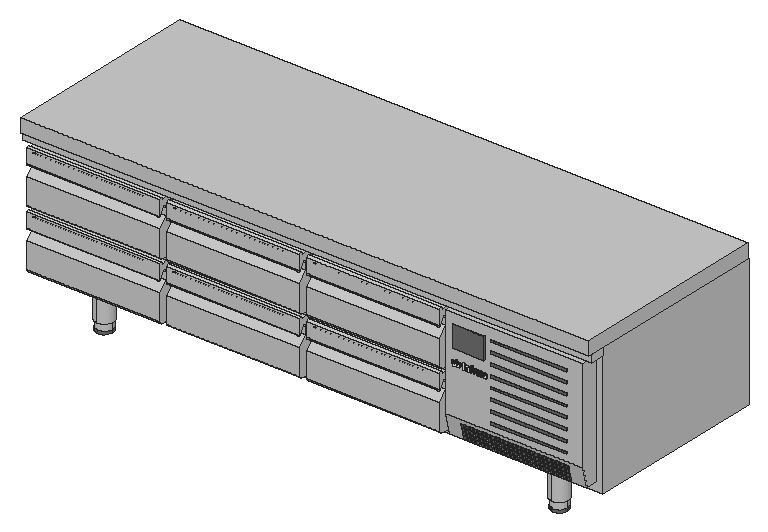
Revit family "QF_INFRICO_MSG2000_250814084959", category Specialty Equipment, Revit 2021
Family settings
  Round Connector Dimension = Use Diameter
  Part Type = Normal
  OmniClass Number = 23.40.40.14
  OmniClass Title = Food Service Equipment
  Work Plane-Based = No
  Always vertical = Yes
  Cut with Voids When Loaded = No
  Shared = No
  Room Calculation Point = No
Parameters (values of type "MSG2000-R290")
  Weight [instance] = 190.001 kg
  Waste Water Discharge Temperature [instance] = 0 °C
  Waste Remarks [instance] = ""
  Warranty Start Date [instance] = ""
  Warranty Duration [instance] = ""
  Volts [instance] = 230 V
  Volt Free Conn [instance] = no
  URL Recommended Spares List [instance] = ""
  URL Manufacturer [instance] = ""
  URL Cutsheet [instance] = ""
  URL Critical Spares List [instance] = ""
  URL = "www.infrico.com"
  Technical Documentation [instance] = ""
  Tag Number [instance] = ""
  Status [instance] = ""
  Start Up Current [instance] = 0 A
  Specification by User [instance] = ""
  Specification by Manufacturer [instance] = ""
  Sound Level [instance] = ""
  Show Logo [instance] = yes
  Show Clearances [instance] = yes
  Service Life Duration [instance] = ""
  Serial Number [instance] = ""
  Seismic Rating [instance] = ""
  SMACNA No [instance] = ""
  Revision Code [instance] = ""
  Revision [instance] = ""
  Production Year [instance] = ""
  Potential Equalisation [instance] = no
  Point Load [instance] = 0
  Plumbing Connection Type [instance] = ""
  Phase [instance] = 1
  Other Equipment Approvals [instance] = ""
  Operational Current [instance] = 0 A
  Number of Poles [instance] = 2
  No Load Power Draw [instance] = no
  NAFEM Spec ID Number [instance] = ""
  Model Warning [instance] = ""
  Model = "MSG2000"
  Min Ckt Ampacity [instance] = 0 A
  Max Overcurrent Protection [instance] = 0 A
  Masterspec [instance] = ""
  Manufacturer = "INFRICO"
  Main switch integrated [instance] = no
  Length Actual [instance] = 1999.996 mm
  Item Number [instance] = ""
  Installed By [instance] = ""
  Installation Date [instance] = ""
  Indirect Waste Size [instance] = 19.05 mm
  Indirect Waste Remarks [instance] = ""
  Indirect Waste Flow [instance] = 0.0 L/s
  Indirect Waste Connection Type [instance] = ""
  Indirect Waste Connection Height [instance] = 0 mm
  Identify Quantity as Lot [instance] = no
  ID [instance] = ""
  Hygiene Approval [instance] = ""
  Height Actual [instance] = 599.948 mm
  HP power [instance] = ""
  Furnished By [instance] = ""
  Foodservice Equipment Identifier [instance] = no
  FL Amps [instance] = 0 A
  Electrical Remarks [instance] = ""
  Electric power [instance] = 190 W
  Electric Connection Type [instance] = ""
  Elec Conn RI Height [instance] = 0 mm
  Elec Conn Connection Height [instance] = 0 mm
  ETL Approved [instance] = no
  Direct Waste Water Discharge Temperature [instance] = -273.15 °C
  Direct Waste Size [instance] = 19.05 mm
  Direct Waste RI Height [instance] = 0 mm
  Direct Waste Flow [instance] = 0.0 L/s
  Direct Waste Connection Height [instance] = 0 mm
  Description = "GN1/1 COUNTER BASES REFRIGERATOR 700 SNACK SERIES - R290\r\n "
  Depth Actual [instance] = 700.024 mm
  Default Elevation = 0 mm
  Cycle [instance] = 50 Hz
  Cost = 0
  Connection to energy optimisation system [instance] = yes
  Conn Plug [instance] = ""
  Conn Conduit [instance] = no
  Centralized building control system with digital interface [instance] = ""
  CSI MasterFormat [instance] = ""
  CE Approved [instance] = no
  Barcode [instance] = 0
  Author [instance] = ""
  Asset Identifier [instance] = ""
  Apparent Power [instance] = 190 VA
  Accessory [instance] = no
Reference planes
  plane 1 "Center (Front/Back)": y = 0
  plane 2: z = 0
  plane 3 "Center (Left/Right)": x = 0
Forms (mm)
  Extrusion 1, solid, not visible
    sketch origin (800.039, -112.005, 142.007) x (1, 0, 0) y (0, 1, 0)
      loop
        line (-2, 2) -> (-2, -2) -> (2, -2) -> (2, 2) -> (-2, 2)
    from -2 to 2
  Extrusion 2, solid, not visible
    sketch origin (1939.095, -60.003, 142.007) x (1, 0, 0) y (0, 1, 0)
      loop
        line (-2, 2) -> (-2, -2) -> (2, -2) -> (2, 2) -> (-2, 2)
    from -2 to 2
Dimensions and locks
  locked: nested 2 to Extrusion 1 at 2  (x2)
  locked: nested 3 to Extrusion 2 at 2  (x2)
  aligned and locked: level to plane 2
Nested families
  nested 1: "QF_INFRICO_MSG2000_2920" at (0, 0, 0), type "MSG2000-R290"
    with Weight 190.001 kg, Warranty Start Date "", Warranty Duration "", URL Cutsheet "", Technical Documentation "", Tag Number "", Status "", Specification by User "", Specification by Manufacturer "", Sound Level "", Solid Fuel Type "", Show Logo yes, Show Clearances yes, Show Clearance yes, Service Life Duration "", Serial Number "", Seismic Rating "", SMACNA No "", Revision Code "", Revision "", Production Year "", Point Load 0, Other Equipment Approvals "", NAFEM Spec ID Number "", Model Warning "", Masterspec "", Length Actual 1999.996 mm, Item Number "", Installed By "", Installation Date "", Identify Quantity as Lot yes, ID "", Hygiene Approval "", Height Actual 599.948 mm, Furnished By "", Foodservice Equipment Identifier yes, ETL Approved yes, Depth Actual 700.024 mm, CSI MasterFormat "", CE Approved no, Barcode "", Author "", Asset Identifier "", Accessory no
  nested 2: "CONN_POINT_DRAIN_2D___Generic_Annotation" at (800.039, -112.005, 140.007), type "CONN_POINT_DRAIN_2D___Generic_Annotation"
    with Onboard connection annotation symbol visibility yes
  nested 3: "CONN_POINT_ELE_2D___Generic_Annotation" at (1939.095, -60.003, 140.007), type "CONN_POINT_ELE_2D___Generic_Annotation"
    with Onboard connection annotation symbol visibility yes
  nested 4: "QF_INFRICO_JCAJ17MSG1-2_4937" at (22, -638, 168), type "JCAJ17SN12"
    with Weight 0.00 kg, Warranty Start Date "", Warranty Duration "", URL Cutsheet "", Technical Documentation "", Tag Number "", Status "", Specification by User "", Specification by Manufacturer "", Sound Level "", Solid Fuel Type "", Show Logo yes, Show Clearances yes, Show Clearance yes, Service Life Duration "", Serial Number "", Seismic Rating "", SMACNA No "", Revision Code "", Revision "", Production Year "", Point Load 0, Other Equipment Approvals "", NAFEM Spec ID Number "", Model Warning "", Masterspec "", Length Actual 467.106 mm, Item Number "", Installed By "", Installation Date "", Identify Quantity as Lot yes, ID "", Hygiene Approval "", Height Actual 398.018 mm, Furnished By "", Foodservice Equipment Identifier yes, ETL Approved yes, Depth Actual 59.944 mm, CSI MasterFormat "", CE Approved no, Barcode "", Author "", Asset Identifier "", Accessory yes
  nested 5: "QF_INFRICO_JCAJ17MSG1-2_5766" at (514, -638, 168), type "JCAJ17SN12"
    with Weight 0.00 kg, Warranty Start Date "", Warranty Duration "", URL Cutsheet "", Technical Documentation "", Tag Number "", Status "", Specification by User "", Specification by Manufacturer "", Sound Level "", Solid Fuel Type "", Show Logo yes, Show Clearances yes, Show Clearance yes, Service Life Duration "", Serial Number "", Seismic Rating "", SMACNA No "", Revision Code "", Revision "", Production Year "", Point Load 0, Other Equipment Approvals "", NAFEM Spec ID Number "", Model Warning "", Masterspec "", Length Actual 467.106 mm, Item Number "", Installed By "", Installation Date "", Identify Quantity as Lot yes, ID "", Hygiene Approval "", Height Actual 398.018 mm, Furnished By "", Foodservice Equipment Identifier yes, ETL Approved yes, Depth Actual 59.944 mm, CSI MasterFormat "", CE Approved no, Barcode "", Author "", Asset Identifier "", Accessory yes
  nested 6: "QF_INFRICO_JCAJ17MSG1-2_6591" at (1006, -638, 168), type "JCAJ17SN12"
    with Weight 0.00 kg, Warranty Start Date "", Warranty Duration "", URL Cutsheet "", Technical Documentation "", Tag Number "", Status "", Specification by User "", Specification by Manufacturer "", Sound Level "", Solid Fuel Type "", Show Logo yes, Show Clearances yes, Show Clearance yes, Service Life Duration "", Serial Number "", Seismic Rating "", SMACNA No "", Revision Code "", Revision "", Production Year "", Point Load 0, Other Equipment Approvals "", NAFEM Spec ID Number "", Model Warning "", Masterspec "", Length Actual 467.106 mm, Item Number "", Installed By "", Installation Date "", Identify Quantity as Lot yes, ID "", Hygiene Approval "", Height Actual 398.018 mm, Furnished By "", Foodservice Equipment Identifier yes, ETL Approved yes, Depth Actual 59.944 mm, CSI MasterFormat "", CE Approved no, Barcode "", Author "", Asset Identifier "", Accessory yes
  nested 7: "QF_INFRICO_WORKTOP_7416" at (0, 0, 600), type "ENC12SPMS20"
    with Weight 0.00 kg, Warranty Start Date "", Warranty Duration "", URL Cutsheet "", Technical Documentation "", Tag Number "", Status "", Specification by User "", Specification by Manufacturer "", Sound Level "", Solid Fuel Type "", Show Logo yes, Show Clearances yes, Show Clearance yes, Service Life Duration "", Serial Number "", Seismic Rating "", SMACNA No "", Revision Code "", Revision "", Production Year "", Point Load 0, Other Equipment Approvals "", NAFEM Spec ID Number "", Model Warning "", Masterspec "", Length Actual 1999.996 mm, Item Number "", Installed By "", Installation Date "", Identify Quantity as Lot yes, ID "", Hygiene Approval "", Height Actual 50.038 mm, Furnished By "", Foodservice Equipment Identifier yes, ETL Approved yes, Depth Actual 700.024 mm, CSI MasterFormat "", CE Approved no, Barcode "", Author "", Asset Identifier "", Accessory yes
Connectors
  piping at (800.039, -112.005, 140.007), diameter 19.05, driven by "Indirect Waste Size", driven by "Direct Waste Flow"
    settings: on Extrusion 1, index 1, connector inside diameter 609.6 mm, connector length 0 mm, flow factor 0, pipe flow 0.0 L/s, pressure drop 0.0 Pa, fitting loss kfactor 0, connector angle 0.00°, fixture units 0, engagement length 0 mm, angle of deflection 0.00°, flow configuration 1, flow direction 2, fitting loss method 0, system type 16, joint type 0, gender type 0, connector reference index -1, connector utility 0, adjustable connector no, is connector primary yes, connector description "Waste connection for MSG2000"
  electrical at (1939.095, -60.003, 140.007), driven by "Apparent Power", driven by "Number of Poles", driven by "Volts"
    settings: on Extrusion 2, index 2, voltage 230 V, apparent load 0 VA, apparent load phase1 190 VA, apparent load phase2 0 VA, apparent load phase3 0 VA, power factor 1, load classification "Other", number of poles 2, system type 31, power factor state 1, is connector primary yes, connector utility no, sub classification motor no, connector description "Electrical connection for MSG2000"
Definition of nested family "QF_INFRICO_MSG2000_2920"
  Parameters (values of type "MSG2000-R290")
    Weight [instance] = 0.00 kg
    Warranty Start Date [instance] = ""
    Warranty Duration [instance] = ""
    URL Cutsheet [instance] = ""
    URL = "www.infrico.com"
    Technical Documentation [instance] = ""
    Tag Number [instance] = ""
    Status [instance] = ""
    Specification by User [instance] = ""
    Specification by Manufacturer [instance] = ""
    Sound Level [instance] = ""
    Solid Fuel Type [instance] = ""
    Show Logo [instance] = yes
    Show Clearances [instance] = yes
    Show Clearance [instance] = yes
    Service Life Duration [instance] = ""
    Serial Number [instance] = ""
    Seismic Rating [instance] = ""
    SMACNA No [instance] = ""
    Revision Code [instance] = ""
    Revision [instance] = ""
    Production Year [instance] = ""
    Point Load [instance] = 0
    Other Equipment Approvals [instance] = ""
    NAFEM Spec ID Number [instance] = ""
    Model Warning [instance] = ""
    Model = "MSG2000"
    Masterspec [instance] = ""
    Manufacturer = "INFRICO"
    Length Actual [instance] = 0 mm
    Item Number [instance] = ""
    Installed By [instance] = ""
    Installation Date [instance] = ""
    Identify Quantity as Lot [instance] = yes
    ID [instance] = ""
    Hygiene Approval [instance] = ""
    Height Actual [instance] = 0 mm
    Furnished By [instance] = ""
    Foodservice Equipment Identifier [instance] = yes
    ETL Approved [instance] = yes
    Description = "GN1/1 COUNTER BASES REFRIGERATOR 700 SNACK SERIES - R290"
    Depth Actual [instance] = 0 mm
    Default Elevation = 0 mm
    CSI MasterFormat [instance] = ""
    CE Approved [instance] = yes
    Barcode [instance] = ""
    Author [instance] = ""
    Asset Identifier [instance] = ""
    Assembly Code = "E1090320"
    Accessory [instance] = yes
  Types (2, lengths in mm): name | Description
    MSG2000 | "GN1/1 COUNTER BASES REFRIGERATOR 700 SNACK SERIES - R134A"
    MSG2000-R290 | "GN1/1 COUNTER BASES REFRIGERATOR 700 SNACK SERIES - R290"
  Reference planes
    plane 1 "Back": y = 0
    plane 2: z = 0
    plane 3 "Left": x = 0
    plane 4 "Right": x = 2000
    plane 5 "Front": y = -700
    plane 6 "Top": z = 600
  Forms (mm)
    Extrusion 1, void
      sketch origin (0, 0, 0) x (1, 0, 0) y (0, 0, 1)
        loop
          line (60, 200) -> (1450, 200) -> (1450, 540) -> (60, 540) -> (60, 200)
      from 60 to 638.02
    Extrusion 2, solid
      sketch origin (0, 0, 140) x (1, 0, 0) y (0, 1, 0)
        loop
          circle (800, -112) r 9.525
      from -5 to 0
    Extrusion 3, solid
      sketch origin (0, 0, 140) x (1, 0, 0) y (0, 1, 0)
        loop
          line (0, 0) -> (0, -638.02) -> (2000, -638.02) -> (2000, 0) -> (0, 0)
        loop
          line (60, -578.02) -> (1940, -578.02) -> (1940, -60) -> (60, -60) -> (60, -578.02)
      from 0 to 460
    Extrusion 4, solid
      sketch origin (0, 0, 140) x (1, 0, 0) y (0, 0, 1)
        loop
          line (1940.016, 60) -> (60, 60) -> (60, 0) -> (1940.016, 0) -> (1940.016, 60)
      from 60 to 578.02
    Extrusion 5, solid
      sketch origin (0, 0, 140) x (1, 0, 0) y (0, 1, 0)
        loop
          line (454, -638.02) -> (549, -638.02) -> (549, -628.02) -> (454, -628.02) -> (454, -638.02)
      from 60 to 400
    Extrusion 6, solid
      sketch origin (492, 0, 140) x (1, 0, 0) y (0, 1, 0)
        loop
          line (454, -638.02) -> (549, -638.02) -> (549, -628.02) -> (454, -628.02) -> (454, -638.02)
      from 60 to 400
    Extrusion 7, solid
      sketch origin (539.247, 0, 0) x (0, 1, 0) y (0, 0, 1)
        loop
          line (-638.02, 564.738) -> (-695.03, 564.738) -> (-695.03, 238.436) -> (-678.399, 166.4) -> (-638.02, 166.4) -> (-638.02, 564.738)
      from 952.993 to 1433.993
    Extrusion 8, solid
      sketch origin (-1460.753, -693.13, 0) x (1, 0, 0) y (0, 0, 1)
        loop
          line (3379.657, 269.602) -> (3112.657, 269.602) -> (3112.657, 260.602) -> (3379.657, 260.602) -> (3379.657, 269.602)
        loop
          line (3379.657, 306.602) -> (3112.657, 306.602) -> (3112.657, 297.602) -> (3379.657, 297.602) -> (3379.657, 306.602)
        loop
          line (3379.657, 343.602) -> (3112.657, 343.602) -> (3112.657, 334.602) -> (3379.657, 334.602) -> (3379.657, 343.602)
        loop
          line (3379.657, 380.602) -> (3112.657, 380.602) -> (3112.657, 371.602) -> (3379.657, 371.602) -> (3379.657, 380.602)
        loop
          line (3379.657, 417.602) -> (3112.657, 417.602) -> (3112.657, 408.602) -> (3379.657, 408.602) -> (3379.657, 417.602)
        loop
          line (3379.657, 454.602) -> (3112.657, 454.602) -> (3112.657, 445.602) -> (3379.657, 445.602) -> (3379.657, 454.602)
        loop
          line (3379.657, 491.602) -> (3112.657, 491.602) -> (3112.657, 482.602) -> (3379.657, 482.602) -> (3379.657, 491.602)
        loop
          line (3379.657, 528.602) -> (3112.657, 528.602) -> (3112.657, 519.602) -> (3379.657, 519.602) -> (3379.657, 528.602)
      from 0 to 2
    Extrusion 9, solid
      sketch origin (-1491.654, -639.263, 0.251) x (1, 0, 0) y (0, -0.224951, 0.97437)
        loop
          line (3036.73, 215.974) -> (3036.73, 205.974) -> (3046.73, 205.974) -> (3046.73, 215.974) -> (3036.73, 215.974)
        loop
          line (3036.73, 230.769) -> (3036.73, 220.769) -> (3046.73, 220.769) -> (3046.73, 230.769) -> (3036.73, 230.769)
        loop
          line (3036.73, 186.385) -> (3036.73, 176.385) -> (3046.73, 176.385) -> (3046.73, 186.385) -> (3036.73, 186.385)
        loop
          line (3036.73, 201.179) -> (3036.73, 191.179) -> (3046.73, 191.179) -> (3046.73, 201.179) -> (3036.73, 201.179)
        loop
          line (3051.938, 215.974) -> (3051.938, 205.974) -> (3061.938, 205.974) -> (3061.938, 215.974) -> (3051.938, 215.974)
        loop
          line (3051.938, 230.769) -> (3051.938, 220.769) -> (3061.938, 220.769) -> (3061.938, 230.769) -> (3051.938, 230.769)
        loop
          line (3051.938, 186.385) -> (3051.938, 176.385) -> (3061.938, 176.385) -> (3061.938, 186.385) -> (3051.938, 186.385)
        loop
          line (3051.938, 201.179) -> (3051.938, 191.179) -> (3061.938, 191.179) -> (3061.938, 201.179) -> (3051.938, 201.179)
        loop
          line (3067.147, 215.974) -> (3067.147, 205.974) -> (3077.147, 205.974) -> (3077.147, 215.974) -> (3067.147, 215.974)
        loop
          line (3067.147, 230.769) -> (3067.147, 220.769) -> (3077.147, 220.769) -> (3077.147, 230.769) -> (3067.147, 230.769)
        loop
          line (3067.147, 186.385) -> (3067.147, 176.385) -> (3077.147, 176.385) -> (3077.147, 186.385) -> (3067.147, 186.385)
        loop
          line (3067.147, 201.179) -> (3067.147, 191.179) -> (3077.147, 191.179) -> (3077.147, 201.179) -> (3067.147, 201.179)
        loop
          line (3082.355, 215.974) -> (3082.355, 205.974) -> (3092.355, 205.974) -> (3092.355, 215.974) -> (3082.355, 215.974)
        loop
          line (3082.355, 230.769) -> (3082.355, 220.769) -> (3092.355, 220.769) -> (3092.355, 230.769) -> (3082.355, 230.769)
        loop
          line (3082.355, 186.385) -> (3082.355, 176.385) -> (3092.355, 176.385) -> (3092.355, 186.385) -> (3082.355, 186.385)
        loop
          line (3082.355, 201.179) -> (3082.355, 191.179) -> (3092.355, 191.179) -> (3092.355, 201.179) -> (3082.355, 201.179)
        loop
          line (3097.563, 215.974) -> (3097.563, 205.974) -> (3107.563, 205.974) -> (3107.563, 215.974) -> (3097.563, 215.974)
        loop
          line (3097.563, 230.769) -> (3097.563, 220.769) -> (3107.563, 220.769) -> (3107.563, 230.769) -> (3097.563, 230.769)
        loop
          line (3097.563, 186.385) -> (3097.563, 176.385) -> (3107.563, 176.385) -> (3107.563, 186.385) -> (3097.563, 186.385)
        loop
          line (3097.563, 201.179) -> (3097.563, 191.179) -> (3107.563, 191.179) -> (3107.563, 201.179) -> (3097.563, 201.179)
        loop
          line (3112.772, 215.974) -> (3112.772, 205.974) -> (3122.772, 205.974) -> (3122.772, 215.974) -> (3112.772, 215.974)
        loop
          line (3112.772, 230.769) -> (3112.772, 220.769) -> (3122.772, 220.769) -> (3122.772, 230.769) -> (3112.772, 230.769)
        loop
          line (3112.772, 186.385) -> (3112.772, 176.385) -> (3122.772, 176.385) -> (3122.772, 186.385) -> (3112.772, 186.385)
        loop
          line (3112.772, 201.179) -> (3112.772, 191.179) -> (3122.772, 191.179) -> (3122.772, 201.179) -> (3112.772, 201.179)
        loop
          line (3127.98, 215.974) -> (3127.98, 205.974) -> (3137.98, 205.974) -> (3137.98, 215.974) -> (3127.98, 215.974)
        loop
          line (3127.98, 230.769) -> (3127.98, 220.769) -> (3137.98, 220.769) -> (3137.98, 230.769) -> (3127.98, 230.769)
        loop
          line (3127.98, 186.385) -> (3127.98, 176.385) -> (3137.98, 176.385) -> (3137.98, 186.385) -> (3127.98, 186.385)
        loop
          line (3127.98, 201.179) -> (3127.98, 191.179) -> (3137.98, 191.179) -> (3137.98, 201.179) -> (3127.98, 201.179)
        loop
          line (3143.188, 215.974) -> (3143.188, 205.974) -> (3153.188, 205.974) -> (3153.188, 215.974) -> (3143.188, 215.974)
        loop
          line (3143.188, 230.769) -> (3143.188, 220.769) -> (3153.188, 220.769) -> (3153.188, 230.769) -> (3143.188, 230.769)
        loop
          line (3143.188, 186.385) -> (3143.188, 176.385) -> (3153.188, 176.385) -> (3153.188, 186.385) -> (3143.188, 186.385)
        loop
          line (3143.188, 201.179) -> (3143.188, 191.179) -> (3153.188, 191.179) -> (3153.188, 201.179) -> (3143.188, 201.179)
        loop
          line (3158.397, 215.974) -> (3158.397, 205.974) -> (3168.397, 205.974) -> (3168.397, 215.974) -> (3158.397, 215.974)
        loop
          line (3158.397, 230.769) -> (3158.397, 220.769) -> (3168.397, 220.769) -> (3168.397, 230.769) -> (3158.397, 230.769)
        loop
          line (3158.397, 186.385) -> (3158.397, 176.385) -> (3168.397, 176.385) -> (3168.397, 186.385) -> (3158.397, 186.385)
        loop
          line (3158.397, 201.179) -> (3158.397, 191.179) -> (3168.397, 191.179) -> (3168.397, 201.179) -> (3158.397, 201.179)
        loop
          line (3173.605, 215.974) -> (3173.605, 205.974) -> (3183.605, 205.974) -> (3183.605, 215.974) -> (3173.605, 215.974)
        loop
          line (3173.605, 230.769) -> (3173.605, 220.769) -> (3183.605, 220.769) -> (3183.605, 230.769) -> (3173.605, 230.769)
        loop
          line (3173.605, 186.385) -> (3173.605, 176.385) -> (3183.605, 176.385) -> (3183.605, 186.385) -> (3173.605, 186.385)
        loop
          line (3173.605, 201.179) -> (3173.605, 191.179) -> (3183.605, 191.179) -> (3183.605, 201.179) -> (3173.605, 201.179)
        loop
          line (3188.813, 215.974) -> (3188.813, 205.974) -> (3198.813, 205.974) -> (3198.813, 215.974) -> (3188.813, 215.974)
        loop
          line (3188.813, 230.769) -> (3188.813, 220.769) -> (3198.813, 220.769) -> (3198.813, 230.769) -> (3188.813, 230.769)
        loop
          line (3188.813, 186.385) -> (3188.813, 176.385) -> (3198.813, 176.385) -> (3198.813, 186.385) -> (3188.813, 186.385)
        loop
          line (3188.813, 201.179) -> (3188.813, 191.179) -> (3198.813, 191.179) -> (3198.813, 201.179) -> (3188.813, 201.179)
        loop
          line (3204.022, 215.974) -> (3204.022, 205.974) -> (3214.022, 205.974) -> (3214.022, 215.974) -> (3204.022, 215.974)
        loop
          line (3204.022, 230.769) -> (3204.022, 220.769) -> (3214.022, 220.769) -> (3214.022, 230.769) -> (3204.022, 230.769)
        loop
          line (3204.022, 186.385) -> (3204.022, 176.385) -> (3214.022, 176.385) -> (3214.022, 186.385) -> (3204.022, 186.385)
        loop
          line (3204.022, 201.179) -> (3204.022, 191.179) -> (3214.022, 191.179) -> (3214.022, 201.179) -> (3204.022, 201.179)
        loop
          line (3219.23, 215.974) -> (3219.23, 205.974) -> (3229.23, 205.974) -> (3229.23, 215.974) -> (3219.23, 215.974)
        loop
          line (3219.23, 230.769) -> (3219.23, 220.769) -> (3229.23, 220.769) -> (3229.23, 230.769) -> (3219.23, 230.769)
        loop
          line (3219.23, 186.385) -> (3219.23, 176.385) -> (3229.23, 176.385) -> (3229.23, 186.385) -> (3219.23, 186.385)
        loop
          line (3219.23, 201.179) -> (3219.23, 191.179) -> (3229.23, 191.179) -> (3229.23, 201.179) -> (3219.23, 201.179)
        loop
          line (3234.438, 215.974) -> (3234.438, 205.974) -> (3244.438, 205.974) -> (3244.438, 215.974) -> (3234.438, 215.974)
        loop
          line (3234.438, 230.769) -> (3234.438, 220.769) -> (3244.438, 220.769) -> (3244.438, 230.769) -> (3234.438, 230.769)
        loop
          line (3234.438, 186.385) -> (3234.438, 176.385) -> (3244.438, 176.385) -> (3244.438, 186.385) -> (3234.438, 186.385)
        loop
          line (3234.438, 201.179) -> (3234.438, 191.179) -> (3244.438, 191.179) -> (3244.438, 201.179) -> (3234.438, 201.179)
        loop
          line (3249.647, 215.974) -> (3249.647, 205.974) -> (3259.647, 205.974) -> (3259.647, 215.974) -> (3249.647, 215.974)
        loop
          line (3249.647, 230.769) -> (3249.647, 220.769) -> (3259.647, 220.769) -> (3259.647, 230.769) -> (3249.647, 230.769)
        loop
          line (3249.647, 186.385) -> (3249.647, 176.385) -> (3259.647, 176.385) -> (3259.647, 186.385) -> (3249.647, 186.385)
        loop
          line (3249.647, 201.179) -> (3249.647, 191.179) -> (3259.647, 191.179) -> (3259.647, 201.179) -> (3249.647, 201.179)
        loop
          line (3264.855, 215.974) -> (3264.855, 205.974) -> (3274.855, 205.974) -> (3274.855, 215.974) -> (3264.855, 215.974)
        loop
          line (3264.855, 230.769) -> (3264.855, 220.769) -> (3274.855, 220.769) -> (3274.855, 230.769) -> (3264.855, 230.769)
        loop
          line (3264.855, 186.385) -> (3264.855, 176.385) -> (3274.855, 176.385) -> (3274.855, 186.385) -> (3264.855, 186.385)
        loop
          line (3264.855, 201.179) -> (3264.855, 191.179) -> (3274.855, 191.179) -> (3274.855, 201.179) -> (3264.855, 201.179)
        loop
          line (3280.063, 215.974) -> (3280.063, 205.974) -> (3290.063, 205.974) -> (3290.063, 215.974) -> (3280.063, 215.974)
        loop
          line (3280.063, 230.769) -> (3280.063, 220.769) -> (3290.063, 220.769) -> (3290.063, 230.769) -> (3280.063, 230.769)
        loop
          line (3280.063, 186.385) -> (3280.063, 176.385) -> (3290.063, 176.385) -> (3290.063, 186.385) -> (3280.063, 186.385)
        loop
          line (3280.063, 201.179) -> (3280.063, 191.179) -> (3290.063, 191.179) -> (3290.063, 201.179) -> (3280.063, 201.179)
        loop
          line (3295.272, 215.974) -> (3295.272, 205.974) -> (3305.272, 205.974) -> (3305.272, 215.974) -> (3295.272, 215.974)
        loop
          line (3295.272, 230.769) -> (3295.272, 220.769) -> (3305.272, 220.769) -> (3305.272, 230.769) -> (3295.272, 230.769)
        loop
          line (3295.272, 186.385) -> (3295.272, 176.385) -> (3305.272, 176.385) -> (3305.272, 186.385) -> (3295.272, 186.385)
        loop
          line (3295.272, 201.179) -> (3295.272, 191.179) -> (3305.272, 191.179) -> (3305.272, 201.179) -> (3295.272, 201.179)
        loop
          line (3310.48, 215.974) -> (3310.48, 205.974) -> (3320.48, 205.974) -> (3320.48, 215.974) -> (3310.48, 215.974)
        loop
          line (3310.48, 230.769) -> (3310.48, 220.769) -> (3320.48, 220.769) -> (3320.48, 230.769) -> (3310.48, 230.769)
        loop
          line (3310.48, 186.385) -> (3310.48, 176.385) -> (3320.48, 176.385) -> (3320.48, 186.385) -> (3310.48, 186.385)
        loop
          line (3310.48, 201.179) -> (3310.48, 191.179) -> (3320.48, 191.179) -> (3320.48, 201.179) -> (3310.48, 201.179)
        loop
          line (3325.688, 215.974) -> (3325.688, 205.974) -> (3335.688, 205.974) -> (3335.688, 215.974) -> (3325.688, 215.974)
        loop
          line (3325.688, 230.769) -> (3325.688, 220.769) -> (3335.688, 220.769) -> (3335.688, 230.769) -> (3325.688, 230.769)
        loop
          line (3325.688, 186.385) -> (3325.688, 176.385) -> (3335.688, 176.385) -> (3335.688, 186.385) -> (3325.688, 186.385)
        loop
          line (3325.688, 201.179) -> (3325.688, 191.179) -> (3335.688, 191.179) -> (3335.688, 201.179) -> (3325.688, 201.179)
        loop
          line (3340.897, 215.974) -> (3340.897, 205.974) -> (3350.897, 205.974) -> (3350.897, 215.974) -> (3340.897, 215.974)
        loop
          line (3340.897, 230.769) -> (3340.897, 220.769) -> (3350.897, 220.769) -> (3350.897, 230.769) -> (3340.897, 230.769)
        loop
          line (3340.897, 186.385) -> (3340.897, 176.385) -> (3350.897, 176.385) -> (3350.897, 186.385) -> (3340.897, 186.385)
        loop
          line (3340.897, 201.179) -> (3340.897, 191.179) -> (3350.897, 191.179) -> (3350.897, 201.179) -> (3340.897, 201.179)
        loop
          line (3356.105, 215.974) -> (3356.105, 205.974) -> (3366.105, 205.974) -> (3366.105, 215.974) -> (3356.105, 215.974)
        loop
          line (3356.105, 230.769) -> (3356.105, 220.769) -> (3366.105, 220.769) -> (3366.105, 230.769) -> (3356.105, 230.769)
        loop
          line (3356.105, 186.385) -> (3356.105, 176.385) -> (3366.105, 176.385) -> (3366.105, 186.385) -> (3356.105, 186.385)
        loop
          line (3356.105, 201.179) -> (3356.105, 191.179) -> (3366.105, 191.179) -> (3366.105, 201.179) -> (3356.105, 201.179)
        loop
          line (3371.313, 215.974) -> (3371.313, 205.974) -> (3381.313, 205.974) -> (3381.313, 215.974) -> (3371.313, 215.974)
        loop
          line (3371.313, 230.769) -> (3371.313, 220.769) -> (3381.313, 220.769) -> (3381.313, 230.769) -> (3371.313, 230.769)
        loop
          line (3371.313, 186.385) -> (3371.313, 176.385) -> (3381.313, 176.385) -> (3381.313, 186.385) -> (3371.313, 186.385)
        loop
          line (3371.313, 201.179) -> (3371.313, 191.179) -> (3381.313, 191.179) -> (3381.313, 201.179) -> (3371.313, 201.179)
        loop
          line (3386.522, 215.974) -> (3386.522, 205.974) -> (3396.522, 205.974) -> (3396.522, 215.974) -> (3386.522, 215.974)
        loop
          line (3386.522, 230.769) -> (3386.522, 220.769) -> (3396.522, 220.769) -> (3396.522, 230.769) -> (3386.522, 230.769)
        loop
          line (3386.522, 186.385) -> (3386.522, 176.385) -> (3396.522, 176.385) -> (3396.522, 186.385) -> (3386.522, 186.385)
        loop
          line (3386.522, 201.179) -> (3386.522, 191.179) -> (3396.522, 191.179) -> (3396.522, 201.179) -> (3386.522, 201.179)
        loop
          line (3401.73, 215.974) -> (3401.73, 205.974) -> (3411.73, 205.974) -> (3411.73, 215.974) -> (3401.73, 215.974)
        loop
          line (3401.73, 230.769) -> (3401.73, 220.769) -> (3411.73, 220.769) -> (3411.73, 230.769) -> (3401.73, 230.769)
        loop
          line (3401.73, 186.385) -> (3401.73, 176.385) -> (3411.73, 176.385) -> (3411.73, 186.385) -> (3401.73, 186.385)
        loop
          line (3401.73, 201.179) -> (3401.73, 191.179) -> (3411.73, 191.179) -> (3411.73, 201.179) -> (3401.73, 201.179)
      from 0 to 2
    Extrusion 10, solid, visible <- "Show Logo"
      sketch origin (349.67, -693.13, -297.58) x (1, 0, 0) y (0, 0, 1)
        loop
          line (1208.799, 696.53) -> (1208.799, 719.204) -> (1204.173, 719.204) -> (1204.173, 696.53) -> (1208.799, 696.53)
        loop
          line (1214.779, 713.006) -> (1211.283, 713.006) -> (1211.283, 696.53) -> (1215.772, 696.53) -> (1215.772, 707.832)
          arc (1215.772, 707.832) -> (1217.528, 708.741) -> (1219.417, 709.324) r 11.052
          arc (1219.417, 709.324) -> (1220.929, 708.961) -> (1221.598, 707.557) r 1.806
          line (1221.598, 707.557) -> (1221.598, 696.53) -> (1226.121, 696.53) -> (1226.121, 708.689)
          arc (1226.121, 708.689) -> (1224.637, 712.075) -> (1221.141, 713.281) r 4.607
          arc (1221.141, 713.281) -> (1218.282, 712.674) -> (1215.669, 711.361) r 11.435
          line (1215.669, 711.361) -> (1215.601, 712.184)
          arc (1215.601, 712.184) -> (1215.36, 712.765) -> (1214.779, 713.006) r 0.822
        loop
          line (1238.557, 720.102) -> (1237.306, 720.102)
          arc (1237.306, 720.102) -> (1235.052, 719.926) -> (1232.881, 719.297) r 11.103
          arc (1232.881, 719.297) -> (1230.805, 717.616) -> (1230.024, 715.062) r 4.567
          line (1230.024, 715.062) -> (1230.024, 712.909) -> (1227.351, 712.703) -> (1227.351, 709.374) -> (1230.024, 709.374) -> (1230.024, 696.53) -> (1234.547, 696.53) -> (1234.547, 709.374) -> (1238.249, 709.374) -> (1238.249, 712.938) -> (1234.547, 712.938) -> (1234.547, 714.548)
          arc (1234.547, 714.548) -> (1234.956, 715.705) -> (1236.045, 716.271) r 1.67
          line (1236.045, 716.271) -> (1237.7, 716.399)
          arc (1237.7, 716.399) -> (1238.306, 716.65) -> (1238.557, 717.255) r 0.857
          line (1238.557, 717.255) -> (1238.557, 720.102)
        loop
          line (1239.479, 713.006) -> (1239.479, 696.53) -> (1243.968, 696.53) -> (1243.968, 707.352)
          arc (1243.968, 707.352) -> (1245.873, 708.631) -> (1248.077, 709.268) r 7.435
          line (1248.077, 709.268) -> (1249.241, 709.416)
          arc (1249.241, 709.416) -> (1249.643, 709.758) -> (1249.793, 710.265) r 0.928
          line (1249.793, 710.265) -> (1249.793, 712.458)
          arc (1249.793, 712.458) -> (1249.531, 713.061) -> (1248.912, 713.28) r 0.824
          arc (1248.912, 713.28) -> (1246.197, 712.588) -> (1243.899, 710.984) r 7.833
          line (1243.899, 710.984) -> (1243.726, 713.006) -> (1239.479, 713.006)
        loop
          line (1255.495, 696.53) -> (1255.495, 713.006) -> (1251.006, 713.006) -> (1251.006, 696.53) -> (1255.495, 696.53)
        loop
          arc (1257.421, 701.327) -> (1258.567, 698.188) -> (1261.466, 696.525) r 4.873
          arc (1261.466, 696.525) -> (1264.493, 696.266) -> (1267.521, 696.525) r 17.816
          arc (1267.521, 696.525) -> (1270.575, 699.134) -> (1271.505, 703.041) r 6.481
          line (1271.505, 703.041) -> (1267.187, 703.041) -> (1267.187, 701.67)
          arc (1267.187, 701.67) -> (1266.64, 700.452) -> (1265.442, 699.865) r 1.965
          arc (1265.442, 699.865) -> (1264.547, 699.816) -> (1263.653, 699.865) r 8.196
          arc (1263.653, 699.865) -> (1262.417, 700.415) -> (1261.91, 701.67) r 1.806
          line (1261.91, 701.67) -> (1261.91, 707.9)
          arc (1261.91, 707.9) -> (1262.417, 709.155) -> (1263.653, 709.705) r 1.806
          arc (1263.653, 709.705) -> (1264.547, 709.754) -> (1265.442, 709.705) r 8.196
          arc (1265.442, 709.705) -> (1266.64, 709.118) -> (1267.187, 707.9) r 1.965
          line (1267.187, 707.9) -> (1267.187, 706.838) -> (1271.505, 706.838)
          arc (1271.505, 706.838) -> (1270.524, 710.556) -> (1267.521, 712.959) r 6.132
          arc (1267.521, 712.959) -> (1264.493, 713.294) -> (1261.466, 712.959) r 13.851
          arc (1261.466, 712.959) -> (1258.571, 711.349) -> (1257.421, 708.243) r 4.772
          line (1257.421, 708.243) -> (1257.421, 701.327)
        loop
          arc (1272.916, 701.329) -> (1273.993, 698.345) -> (1276.726, 696.734) r 4.676
          arc (1276.726, 696.734) -> (1278.515, 696.455) -> (1280.318, 696.291) r 28.371
          arc (1280.318, 696.291) -> (1282.122, 696.455) -> (1283.911, 696.734) r 28.371
          arc (1283.911, 696.734) -> (1286.644, 698.345) -> (1287.72, 701.329) r 4.676
          line (1287.72, 701.329) -> (1287.72, 708.242)
          arc (1287.72, 708.242) -> (1286.644, 711.226) -> (1283.911, 712.837) r 4.676
          arc (1283.911, 712.837) -> (1282.122, 713.116) -> (1280.318, 713.28) r 28.371
          arc (1280.318, 713.28) -> (1278.515, 713.116) -> (1276.726, 712.837) r 28.371
          arc (1276.726, 712.837) -> (1273.993, 711.226) -> (1272.916, 708.242) r 4.676
          line (1272.916, 708.242) -> (1272.916, 701.329)
        loop
          line (1277.405, 707.866) -> (1277.405, 701.705)
          arc (1277.405, 701.705) -> (1277.844, 700.556) -> (1278.936, 699.991) r 1.725
          arc (1278.936, 699.991) -> (1279.627, 699.918) -> (1280.318, 699.856) r 46.133
          arc (1280.318, 699.856) -> (1281.01, 699.918) -> (1281.701, 699.991) r 46.133
          arc (1281.701, 699.991) -> (1282.793, 700.556) -> (1283.231, 701.705) r 1.725
          line (1283.231, 701.705) -> (1283.231, 707.866)
          arc (1283.231, 707.866) -> (1282.793, 709.015) -> (1281.701, 709.58) r 1.725
          arc (1281.701, 709.58) -> (1281.01, 709.653) -> (1280.318, 709.716) r 46.133
          arc (1280.318, 709.716) -> (1279.627, 709.653) -> (1278.936, 709.58) r 46.133
          arc (1278.936, 709.58) -> (1277.844, 709.015) -> (1277.405, 707.866) r 1.725
        loop
          arc (1190.339, 696.543) -> (1191.411, 696.987) -> (1191.856, 698.059) r 1.516
          line (1191.856, 698.059) -> (1191.856, 703.891) -> (1196.035, 703.891)
          arc (1196.035, 703.891) -> (1196.79, 704.121) -> (1197.218, 704.782) r 1.147
          line (1197.218, 704.782) -> (1197.218, 706.211)
          arc (1197.218, 706.211) -> (1196.787, 707.258) -> (1195.719, 707.634) r 1.385
          line (1195.719, 707.634) -> (1194.52, 707.634) -> (1197.218, 710.332)
          arc (1197.218, 710.332) -> (1197.605, 711.266) -> (1197.218, 712.2) r 1.321
          line (1197.218, 712.2) -> (1196.495, 712.923)
          arc (1196.495, 712.923) -> (1195.54, 713.338) -> (1194.558, 712.991) r 1.422
          line (1194.558, 712.991) -> (1191.853, 710.286) -> (1191.853, 711.479)
          arc (1191.853, 711.479) -> (1191.443, 712.516) -> (1190.435, 712.992) r 1.516
          line (1190.435, 712.992) -> (1189.514, 712.992)
          arc (1189.514, 712.992) -> (1188.511, 712.514) -> (1188.103, 711.479) r 1.516
          line (1188.103, 711.479) -> (1188.103, 706.83) -> (1182.073, 701.336) -> (1182.073, 707.509) -> (1185.639, 711.075)
          arc (1185.639, 711.075) -> (1186.053, 712.073) -> (1185.639, 713.071) r 1.412
          line (1185.639, 713.071) -> (1184.987, 713.723)
          arc (1184.987, 713.723) -> (1183.939, 714.141) -> (1182.915, 713.667) r 1.428
          line (1182.915, 713.667) -> (1182.073, 712.825) -> (1182.073, 717.784)
          arc (1182.073, 717.784) -> (1181.658, 718.787) -> (1180.655, 719.203) r 1.418
          line (1180.655, 719.203) -> (1179.726, 719.203)
          arc (1179.726, 719.203) -> (1178.723, 718.787) -> (1178.308, 717.784) r 1.418
          line (1178.308, 717.784) -> (1178.308, 712.825) -> (1177.466, 713.667)
          arc (1177.466, 713.667) -> (1176.442, 714.141) -> (1175.394, 713.723) r 1.428
          line (1175.394, 713.723) -> (1174.742, 713.071)
          arc (1174.742, 713.071) -> (1174.328, 712.073) -> (1174.742, 711.075) r 1.412
          line (1174.742, 711.075) -> (1178.308, 707.509) -> (1178.308, 701.336) -> (1172.278, 706.83) -> (1172.278, 711.479)
          arc (1172.278, 711.479) -> (1171.87, 712.514) -> (1170.867, 712.992) r 1.516
          line (1170.867, 712.992) -> (1169.946, 712.992)
          arc (1169.946, 712.992) -> (1168.938, 712.516) -> (1168.528, 711.479) r 1.516
          line (1168.528, 711.479) -> (1168.528, 710.286) -> (1165.823, 712.991)
          arc (1165.823, 712.991) -> (1164.841, 713.338) -> (1163.886, 712.923) r 1.422
          line (1163.886, 712.923) -> (1163.163, 712.2)
          arc (1163.163, 712.2) -> (1162.776, 711.266) -> (1163.163, 710.332) r 1.321
          line (1163.163, 710.332) -> (1165.861, 707.634) -> (1164.662, 707.634)
          arc (1164.662, 707.634) -> (1163.594, 707.258) -> (1163.163, 706.211) r 1.385
          line (1163.163, 706.211) -> (1163.163, 704.782)
          arc (1163.163, 704.782) -> (1163.591, 704.121) -> (1164.346, 703.891) r 1.147
          line (1164.346, 703.891) -> (1168.525, 703.891) -> (1168.525, 698.059)
          arc (1168.525, 698.059) -> (1168.969, 696.987) -> (1170.042, 696.543) r 1.516
          line (1170.042, 696.543) -> (1190.339, 696.543)
      from 0 to 2
    Extrusion 11, solid
      sketch origin (348.76, 0, -122.7) x (1, 0, 0) y (0, 0, 1)
        loop
          line (1169.616, 654.3) -> (1169.616, 577.9) -> (1281.216, 577.9) -> (1281.216, 654.3) -> (1169.616, 654.3)
      from 695.03 to 698.23
    Extrusion 12, solid
      sketch origin (1200, 112, 140) x (1, 0, 0) y (0, 1, 0)
        loop
          circle (739, -172) r 12.7
      from -5 to 0
    Extrusion 13, solid
      sketch origin (0, 0, 140) x (0, 1, 0) y (0, 0, 1)
        loop
          line (-638.02, 460) -> (-688.02, 460) -> (-688.02, 435) -> (-638.02, 435) -> (-638.02, 460)
      from 0 to 2000
    Extrusion 14, solid
      sketch origin (0.014, 0, 140) x (0, 1, 0) y (-1, 0, 0)
        loop
          line (-530, -154.986) -> (-630, -154.986) -> (-630, -244.986) -> (-530, -244.986) -> (-530, -154.986)
      from 0 to -3
    Extrusion 15, solid
      sketch origin (0.014, 0, 0) x (1, 0, 0) y (0, 1, 0)
        loop
          circle (199.986, -580) r 28
      from 9 to 35
    Extrusion 16, solid
      sketch origin (0.014, 0, 0) x (1, 0, 0) y (0, 1, 0)
        loop
          circle (199.986, -580) r 28.5
      from 0 to 9
    Sweep 17, solid
      path origin (0.014, 0, 0) x (0, 1, 0) y (0, 0, 1)
        loop
          line (-580, 35) -> (-580, 137)
      profile origin (0.014, -580, 86) x (0, -1, 0) y (1, 0, 0)
        loop
          circle (0, 199.986) r 32
    Extrusion 18, solid
      sketch origin (0.014, 500, 140) x (0, 1, 0) y (-1, 0, 0)
        loop
          line (-530, -154.986) -> (-630, -154.986) -> (-630, -244.986) -> (-530, -244.986) -> (-530, -154.986)
      from 0 to -3
    Extrusion 19, solid
      sketch origin (0.014, 500, 0) x (1, 0, 0) y (0, 1, 0)
        loop
          circle (199.986, -580) r 28
      from 9 to 35
    Extrusion 20, solid
      sketch origin (0.014, 500, 0) x (1, 0, 0) y (0, 1, 0)
        loop
          circle (199.986, -580) r 28.5
      from 0 to 9
    Sweep 21, solid
      path origin (0.014, 500, 0) x (0, 1, 0) y (0, 0, 1)
        loop
          line (-580, 35) -> (-580, 137)
      profile origin (0.014, -80, 86) x (0, -1, 0) y (1, 0, 0)
        loop
          circle (0, 199.986) r 32
    Extrusion 22, solid
      sketch origin (1560.014, 0, 140) x (0, 1, 0) y (-1, 0, 0)
        loop
          line (-530, -194.986) -> (-630, -194.986) -> (-630, -284.986) -> (-530, -284.986) -> (-530, -194.986)
      from 0 to -3
    Extrusion 23, solid
      sketch origin (1560.014, 0, 0) x (1, 0, 0) y (0, 1, 0)
        loop
          circle (239.986, -580) r 28
      from 9 to 35
    Extrusion 24, solid
      sketch origin (1560.014, 0, 0) x (1, 0, 0) y (0, 1, 0)
        loop
          circle (239.986, -580) r 28.5
      from 0 to 9
    Sweep 25, solid
      path origin (2000.014, 0, 0) x (0, -1, 0) y (0, 0, 1)
        loop
          line (580, 35) -> (580, 137)
      profile origin (2000.014, -580, 86) x (0, 1, 0) y (-1, 0, 0)
        loop
          circle (0, 199.986) r 32
    Extrusion 26, solid
      sketch origin (1560.014, 500, 140) x (0, 1, 0) y (-1, 0, 0)
        loop
          line (-530, -194.986) -> (-630, -194.986) -> (-630, -284.986) -> (-530, -284.986) -> (-530, -194.986)
      from 0 to -3
    Extrusion 27, solid
      sketch origin (1560.014, 500, 0) x (1, 0, 0) y (0, 1, 0)
        loop
          circle (239.986, -580) r 28
      from 9 to 35
    Extrusion 28, solid
      sketch origin (1560.014, 500, 0) x (1, 0, 0) y (0, 1, 0)
        loop
          circle (239.986, -580) r 28.5
      from 0 to 9
    Sweep 29, solid
      path origin (2000.014, 0, 0) x (0, -1, 0) y (0, 0, 1)
        loop
          line (80, 35) -> (80, 137)
      profile origin (2000.014, -80, 86) x (0, 1, 0) y (-1, 0, 0)
        loop
          circle (0, 199.986) r 32
  Cuts and joins
    Extrusion 1 cuts Extrusion 3
    joined: Extrusion 3, Extrusion 4
  Lines and regions (mm)
    symbolic lines
      curve 1: line (0, -700, 0) -> (2000, -700, 0)
      curve 2: line (0, 0, 0) -> (0, -700, 0)
      curve 3: line (2000, 0, 0) -> (0, 0, 0)
      curve 4: line (2000, -700, 0) -> (2000, 0, 0)
  Dimensions and locks
    plane 4 "Right" to plane 3 "Left" = 2000 mm
    plane 6 "Top" to level = 600 mm
    plane 1 "Back" to plane 5 "Front" = 700 mm
    plane 3 "Left" to plane 4 "Right" = 2000 mm
    aligned and locked: level to plane 2
  Connectors
    piping at (800, -112, 135), diameter 19.1
      settings: on Extrusion 2, index 1, connector inside diameter 609.6 mm, connector length 0 mm, flow factor 0, pipe flow 0.0 L/s, pressure drop 0.0 Pa, fitting loss kfactor 0, connector angle 0.00°, fixture units 0, engagement length 0 mm, angle of deflection 0.00°, flow configuration 0, flow direction 2, fitting loss method 0, system type 16, joint type 0, gender type 0, connector reference index -1, connector utility 0, adjustable connector no, is connector primary yes, connector description "Drain connection"
    electrical at (1939, -60, 135)
      settings: on Extrusion 12, index 2, voltage 0 V, apparent load 0 VA, apparent load phase1 0 VA, apparent load phase2 0 VA, apparent load phase3 0 VA, power factor 1, load classification none, number of poles 1, system type 31, power factor state 1, is connector primary yes, connector utility no, sub classification motor no, connector description "Electrical connection"
Definition of nested family "QF_INFRICO_JCAJ17MSG1-2_4937"
  Parameters (values of type "JCAJ17SN12")
    Weight [instance] = 0.00 kg
    Warranty Start Date [instance] = ""
    Warranty Duration [instance] = ""
    URL Cutsheet [instance] = ""
    URL = "www.infrico.com"
    Technical Documentation [instance] = ""
    Tag Number [instance] = ""
    Status [instance] = ""
    Specification by User [instance] = ""
    Specification by Manufacturer [instance] = ""
    Sound Level [instance] = ""
    Solid Fuel Type [instance] = ""
    Show Logo [instance] = yes
    Show Clearances [instance] = yes
    Show Clearance [instance] = yes
    Service Life Duration [instance] = ""
    Serial Number [instance] = ""
    Seismic Rating [instance] = ""
    SMACNA No [instance] = ""
    Revision Code [instance] = ""
    Revision [instance] = ""
    Production Year [instance] = ""
    Point Load [instance] = 0
    Other Equipment Approvals [instance] = ""
    NAFEM Spec ID Number [instance] = ""
    Model Warning [instance] = ""
    Model = "JCAJ17SN12"
    Masterspec [instance] = ""
    Manufacturer = "INFRICO"
    Length Actual [instance] = 0 mm
    Item Number [instance] = ""
    Installed By [instance] = ""
    Installation Date [instance] = ""
    Identify Quantity as Lot [instance] = yes
    ID [instance] = ""
    Hygiene Approval [instance] = ""
    Height Actual [instance] = 0 mm
    Furnished By [instance] = ""
    Foodservice Equipment Identifier [instance] = yes
    ETL Approved [instance] = yes
    Description = "DRAWERS 1/2"
    Depth Actual [instance] = 0 mm
    Default Elevation = 0 mm
    CSI MasterFormat [instance] = ""
    CE Approved [instance] = yes
    Barcode [instance] = ""
    Author [instance] = ""
    Asset Identifier [instance] = ""
    Assembly Code = "E1090320"
    Accessory [instance] = yes
  Reference planes
    plane 1 "Back": y = 0
    plane 2: z = 0
    plane 3 "Left": x = 0
    plane 4 "Right": x = 467
    plane 5 "Front": y = -487.01
    plane 6 "Top": z = 398.04
  Forms (mm)
    Extrusion 1, solid, visible <- "Show Clearance", detail levels coarse
      sketch origin (0, -23.01, -522.52) x (0, 1, 0) y (0, 0, 1)
        loop
          line (-38.2, 522.52) -> (-38.2, 718.567) -> (-464, 718.567) -> (-464, 522.52) -> (-38.2, 522.52)
      from 0 to 467
    Extrusion 2, solid
      sketch origin (0, 142.338, -423.681) x (0, 1, 0) y (0, 0, 1)
        loop
          line (-159.338, 423.681) -> (-159.338, 619.729) -> (-170.338, 619.729) -> (-170.338, 612.415) -> (-188.747, 607.482) -> (-195.817, 619.729) -> (-203.548, 615.265) -> (-203.548, 563.266)
          arc (-203.548, 563.266) -> (-202.267, 561.699) -> (-200.476, 562.641) r 1.6
          line (-200.476, 562.641) -> (-190.041, 587.224)
          arc (-190.041, 587.224) -> (-189.333, 588.09) -> (-188.27, 588.441) r 2
          line (-188.27, 588.441) -> (-178.392, 588.786)
          arc (-178.392, 588.786) -> (-177.14, 588.4) -> (-176.395, 587.322) r 2
          line (-176.395, 587.322) -> (-173.478, 576.804) -> (-173.478, 553.051) -> (-203.548, 522.981) -> (-203.548, 433.681) -> (-193.548, 423.681) -> (-159.338, 423.681)
      from 0 to 467
    Extrusion 3, solid
      sketch origin (547, 0, -15) x (-1, 0, 0) y (0, 0, -1)
        loop
          line (542, -206.047) -> (542, -20) -> (85, -20) -> (85, -206.047) -> (542, -206.047)
        loop
          line (115, -176.047) -> (512, -176.047) -> (512, -50) -> (115, -50) -> (115, -176.047)
      from 0 to 17
    Extrusion 4, solid
      sketch origin (0, 142.338, -221.634) x (0, 1, 0) y (0, 0, 1)
        loop
          line (-159.338, 423.681) -> (-159.338, 619.729) -> (-170.338, 619.729) -> (-170.338, 612.415) -> (-188.747, 607.482) -> (-195.786, 619.674) -> (-203.548, 615.192) -> (-203.548, 563.266)
          arc (-203.548, 563.266) -> (-202.267, 561.699) -> (-200.476, 562.641) r 1.6
          line (-200.476, 562.641) -> (-190.041, 587.224)
          arc (-190.041, 587.224) -> (-189.333, 588.09) -> (-188.27, 588.441) r 2
          line (-188.27, 588.441) -> (-178.392, 588.786)
          arc (-178.392, 588.786) -> (-177.14, 588.4) -> (-176.395, 587.322) r 2
          line (-176.395, 587.322) -> (-173.478, 576.804) -> (-173.478, 553.051) -> (-203.548, 522.981) -> (-203.548, 433.681) -> (-193.548, 423.681) -> (-159.338, 423.681)
      from 0 to 467
    Extrusion 5, solid, visible <- "Show Clearance", detail levels coarse
      sketch origin (0, -23.01, -320.473) x (0, 1, 0) y (0, 0, 1)
        loop
          line (-38.2, 522.52) -> (-38.2, 718.567) -> (-464, 718.567) -> (-464, 522.52) -> (-38.2, 522.52)
      from 0 to 467
    Extrusion 6, solid
      sketch origin (547, 0, 187.047) x (-1, 0, 0) y (0, 0, -1)
        loop
          line (542, -206.047) -> (542, -20) -> (85, -20) -> (85, -206.047) -> (542, -206.047)
        loop
          line (115, -176.047) -> (512, -176.047) -> (512, -50) -> (115, -50) -> (115, -176.047)
      from 0 to 17
  Lines and regions (mm)
    symbolic lines, visible <- "Show Clearance"
      curve 1: line (0, -447.01, 0) -> (467, -447.01, 0)
      curve 2: line (0, -447.01, 0) -> (0, -487.01, 0)
      curve 3: line (0, -487.01, 0) -> (467, -487.01, 0)
      curve 4: line (467, -447.01, 0) -> (467, -487.01, 0)
      curve 5: line (30, -62, 0) -> (30, -234.5, 0)
      curve 6: line (437, -234.5, 0) -> (437, -62, 0)
      curve 7: line (0, -234.5, 0) -> (467, -234.5, 0)
      curve 8: line (0, -234.5, 0) -> (0, -274.5, 0)
      curve 9: line (0, -274.5, 0) -> (467, -274.5, 0)
      curve 10: line (467, -234.5, 0) -> (467, -274.5, 0)
      curve 11: line (437, -274.5, 0) -> (437, -447.01, 0)
      curve 12: line (30, -274.5, 0) -> (30, -447.01, 0)
  Dimensions and locks
    plane 6 "Top" to level = 398.04 mm  (x2)
    plane 1 "Back" to plane 5 "Front" = 487.01 mm  (x2)
    plane 4 "Right" to plane 3 "Left" = 467 mm
    aligned and locked: level to plane 2
Definition of nested family "QF_INFRICO_JCAJ17MSG1-2_5766"
  Parameters (values of type "JCAJ17SN12")
    Weight [instance] = 0.00 kg
    Warranty Start Date [instance] = ""
    Warranty Duration [instance] = ""
    URL Cutsheet [instance] = ""
    URL = "www.infrico.com"
    Technical Documentation [instance] = ""
    Tag Number [instance] = ""
    Status [instance] = ""
    Specification by User [instance] = ""
    Specification by Manufacturer [instance] = ""
    Sound Level [instance] = ""
    Solid Fuel Type [instance] = ""
    Show Logo [instance] = yes
    Show Clearances [instance] = yes
    Show Clearance [instance] = yes
    Service Life Duration [instance] = ""
    Serial Number [instance] = ""
    Seismic Rating [instance] = ""
    SMACNA No [instance] = ""
    Revision Code [instance] = ""
    Revision [instance] = ""
    Production Year [instance] = ""
    Point Load [instance] = 0
    Other Equipment Approvals [instance] = ""
    NAFEM Spec ID Number [instance] = ""
    Model Warning [instance] = ""
    Model = "JCAJ17SN12"
    Masterspec [instance] = ""
    Manufacturer = "INFRICO"
    Length Actual [instance] = 0 mm
    Item Number [instance] = ""
    Installed By [instance] = ""
    Installation Date [instance] = ""
    Identify Quantity as Lot [instance] = yes
    ID [instance] = ""
    Hygiene Approval [instance] = ""
    Height Actual [instance] = 0 mm
    Furnished By [instance] = ""
    Foodservice Equipment Identifier [instance] = yes
    ETL Approved [instance] = yes
    Description = "DRAWERS 1/2"
    Depth Actual [instance] = 0 mm
    Default Elevation = 0 mm
    CSI MasterFormat [instance] = ""
    CE Approved [instance] = yes
    Barcode [instance] = ""
    Author [instance] = ""
    Asset Identifier [instance] = ""
    Assembly Code = "E1090320"
    Accessory [instance] = yes
  Reference planes
    plane 1 "Back": y = 0
    plane 2: z = 0
    plane 3 "Left": x = 0
    plane 4 "Right": x = 467
    plane 5 "Front": y = -487.01
    plane 6 "Top": z = 398.04
  Forms (mm)
    Extrusion 1, solid, visible <- "Show Clearance", detail levels coarse
      sketch origin (0, -23.01, -522.52) x (0, 1, 0) y (0, 0, 1)
        loop
          line (-38.2, 522.52) -> (-38.2, 718.567) -> (-464, 718.567) -> (-464, 522.52) -> (-38.2, 522.52)
      from 0 to 467
    Extrusion 2, solid
      sketch origin (0, 142.338, -423.681) x (0, 1, 0) y (0, 0, 1)
        loop
          line (-159.338, 423.681) -> (-159.338, 619.729) -> (-170.338, 619.729) -> (-170.338, 612.415) -> (-188.747, 607.482) -> (-195.817, 619.729) -> (-203.548, 615.265) -> (-203.548, 563.266)
          arc (-203.548, 563.266) -> (-202.267, 561.699) -> (-200.476, 562.641) r 1.6
          line (-200.476, 562.641) -> (-190.041, 587.224)
          arc (-190.041, 587.224) -> (-189.333, 588.09) -> (-188.27, 588.441) r 2
          line (-188.27, 588.441) -> (-178.392, 588.786)
          arc (-178.392, 588.786) -> (-177.14, 588.4) -> (-176.395, 587.322) r 2
          line (-176.395, 587.322) -> (-173.478, 576.804) -> (-173.478, 553.051) -> (-203.548, 522.981) -> (-203.548, 433.681) -> (-193.548, 423.681) -> (-159.338, 423.681)
      from 0 to 467
    Extrusion 3, solid
      sketch origin (547, 0, -15) x (-1, 0, 0) y (0, 0, -1)
        loop
          line (542, -206.047) -> (542, -20) -> (85, -20) -> (85, -206.047) -> (542, -206.047)
        loop
          line (115, -176.047) -> (512, -176.047) -> (512, -50) -> (115, -50) -> (115, -176.047)
      from 0 to 17
    Extrusion 4, solid
      sketch origin (0, 142.338, -221.634) x (0, 1, 0) y (0, 0, 1)
        loop
          line (-159.338, 423.681) -> (-159.338, 619.729) -> (-170.338, 619.729) -> (-170.338, 612.415) -> (-188.747, 607.482) -> (-195.786, 619.674) -> (-203.548, 615.192) -> (-203.548, 563.266)
          arc (-203.548, 563.266) -> (-202.267, 561.699) -> (-200.476, 562.641) r 1.6
          line (-200.476, 562.641) -> (-190.041, 587.224)
          arc (-190.041, 587.224) -> (-189.333, 588.09) -> (-188.27, 588.441) r 2
          line (-188.27, 588.441) -> (-178.392, 588.786)
          arc (-178.392, 588.786) -> (-177.14, 588.4) -> (-176.395, 587.322) r 2
          line (-176.395, 587.322) -> (-173.478, 576.804) -> (-173.478, 553.051) -> (-203.548, 522.981) -> (-203.548, 433.681) -> (-193.548, 423.681) -> (-159.338, 423.681)
      from 0 to 467
    Extrusion 5, solid, visible <- "Show Clearance", detail levels coarse
      sketch origin (0, -23.01, -320.473) x (0, 1, 0) y (0, 0, 1)
        loop
          line (-38.2, 522.52) -> (-38.2, 718.567) -> (-464, 718.567) -> (-464, 522.52) -> (-38.2, 522.52)
      from 0 to 467
    Extrusion 6, solid
      sketch origin (547, 0, 187.047) x (-1, 0, 0) y (0, 0, -1)
        loop
          line (542, -206.047) -> (542, -20) -> (85, -20) -> (85, -206.047) -> (542, -206.047)
        loop
          line (115, -176.047) -> (512, -176.047) -> (512, -50) -> (115, -50) -> (115, -176.047)
      from 0 to 17
  Lines and regions (mm)
    symbolic lines, visible <- "Show Clearance"
      curve 1: line (0, -447.01, 0) -> (467, -447.01, 0)
      curve 2: line (0, -447.01, 0) -> (0, -487.01, 0)
      curve 3: line (0, -487.01, 0) -> (467, -487.01, 0)
      curve 4: line (467, -447.01, 0) -> (467, -487.01, 0)
      curve 5: line (30, -62, 0) -> (30, -234.5, 0)
      curve 6: line (437, -234.5, 0) -> (437, -62, 0)
      curve 7: line (0, -234.5, 0) -> (467, -234.5, 0)
      curve 8: line (0, -234.5, 0) -> (0, -274.5, 0)
      curve 9: line (0, -274.5, 0) -> (467, -274.5, 0)
      curve 10: line (467, -234.5, 0) -> (467, -274.5, 0)
      curve 11: line (437, -274.5, 0) -> (437, -447.01, 0)
      curve 12: line (30, -274.5, 0) -> (30, -447.01, 0)
  Dimensions and locks
    plane 6 "Top" to level = 398.04 mm  (x2)
    plane 1 "Back" to plane 5 "Front" = 487.01 mm  (x2)
    plane 4 "Right" to plane 3 "Left" = 467 mm
    aligned and locked: level to plane 2
Definition of nested family "QF_INFRICO_JCAJ17MSG1-2_6591"
  Parameters (values of type "JCAJ17SN12")
    Weight [instance] = 0.00 kg
    Warranty Start Date [instance] = ""
    Warranty Duration [instance] = ""
    URL Cutsheet [instance] = ""
    URL = "www.infrico.com"
    Technical Documentation [instance] = ""
    Tag Number [instance] = ""
    Status [instance] = ""
    Specification by User [instance] = ""
    Specification by Manufacturer [instance] = ""
    Sound Level [instance] = ""
    Solid Fuel Type [instance] = ""
    Show Logo [instance] = yes
    Show Clearances [instance] = yes
    Show Clearance [instance] = yes
    Service Life Duration [instance] = ""
    Serial Number [instance] = ""
    Seismic Rating [instance] = ""
    SMACNA No [instance] = ""
    Revision Code [instance] = ""
    Revision [instance] = ""
    Production Year [instance] = ""
    Point Load [instance] = 0
    Other Equipment Approvals [instance] = ""
    NAFEM Spec ID Number [instance] = ""
    Model Warning [instance] = ""
    Model = "JCAJ17SN12"
    Masterspec [instance] = ""
    Manufacturer = "INFRICO"
    Length Actual [instance] = 0 mm
    Item Number [instance] = ""
    Installed By [instance] = ""
    Installation Date [instance] = ""
    Identify Quantity as Lot [instance] = yes
    ID [instance] = ""
    Hygiene Approval [instance] = ""
    Height Actual [instance] = 0 mm
    Furnished By [instance] = ""
    Foodservice Equipment Identifier [instance] = yes
    ETL Approved [instance] = yes
    Description = "DRAWERS 1/2"
    Depth Actual [instance] = 0 mm
    Default Elevation = 0 mm
    CSI MasterFormat [instance] = ""
    CE Approved [instance] = yes
    Barcode [instance] = ""
    Author [instance] = ""
    Asset Identifier [instance] = ""
    Assembly Code = "E1090320"
    Accessory [instance] = yes
  Reference planes
    plane 1 "Back": y = 0
    plane 2: z = 0
    plane 3 "Left": x = 0
    plane 4 "Right": x = 467
    plane 5 "Front": y = -487.01
    plane 6 "Top": z = 398.04
  Forms (mm)
    Extrusion 1, solid, visible <- "Show Clearance", detail levels coarse
      sketch origin (0, -23.01, -522.52) x (0, 1, 0) y (0, 0, 1)
        loop
          line (-38.2, 522.52) -> (-38.2, 718.567) -> (-464, 718.567) -> (-464, 522.52) -> (-38.2, 522.52)
      from 0 to 467
    Extrusion 2, solid
      sketch origin (0, 142.338, -423.681) x (0, 1, 0) y (0, 0, 1)
        loop
          line (-159.338, 423.681) -> (-159.338, 619.729) -> (-170.338, 619.729) -> (-170.338, 612.415) -> (-188.747, 607.482) -> (-195.817, 619.729) -> (-203.548, 615.265) -> (-203.548, 563.266)
          arc (-203.548, 563.266) -> (-202.267, 561.699) -> (-200.476, 562.641) r 1.6
          line (-200.476, 562.641) -> (-190.041, 587.224)
          arc (-190.041, 587.224) -> (-189.333, 588.09) -> (-188.27, 588.441) r 2
          line (-188.27, 588.441) -> (-178.392, 588.786)
          arc (-178.392, 588.786) -> (-177.14, 588.4) -> (-176.395, 587.322) r 2
          line (-176.395, 587.322) -> (-173.478, 576.804) -> (-173.478, 553.051) -> (-203.548, 522.981) -> (-203.548, 433.681) -> (-193.548, 423.681) -> (-159.338, 423.681)
      from 0 to 467
    Extrusion 3, solid
      sketch origin (547, 0, -15) x (-1, 0, 0) y (0, 0, -1)
        loop
          line (542, -206.047) -> (542, -20) -> (85, -20) -> (85, -206.047) -> (542, -206.047)
        loop
          line (115, -176.047) -> (512, -176.047) -> (512, -50) -> (115, -50) -> (115, -176.047)
      from 0 to 17
    Extrusion 4, solid
      sketch origin (0, 142.338, -221.634) x (0, 1, 0) y (0, 0, 1)
        loop
          line (-159.338, 423.681) -> (-159.338, 619.729) -> (-170.338, 619.729) -> (-170.338, 612.415) -> (-188.747, 607.482) -> (-195.786, 619.674) -> (-203.548, 615.192) -> (-203.548, 563.266)
          arc (-203.548, 563.266) -> (-202.267, 561.699) -> (-200.476, 562.641) r 1.6
          line (-200.476, 562.641) -> (-190.041, 587.224)
          arc (-190.041, 587.224) -> (-189.333, 588.09) -> (-188.27, 588.441) r 2
          line (-188.27, 588.441) -> (-178.392, 588.786)
          arc (-178.392, 588.786) -> (-177.14, 588.4) -> (-176.395, 587.322) r 2
          line (-176.395, 587.322) -> (-173.478, 576.804) -> (-173.478, 553.051) -> (-203.548, 522.981) -> (-203.548, 433.681) -> (-193.548, 423.681) -> (-159.338, 423.681)
      from 0 to 467
    Extrusion 5, solid, visible <- "Show Clearance", detail levels coarse
      sketch origin (0, -23.01, -320.473) x (0, 1, 0) y (0, 0, 1)
        loop
          line (-38.2, 522.52) -> (-38.2, 718.567) -> (-464, 718.567) -> (-464, 522.52) -> (-38.2, 522.52)
      from 0 to 467
    Extrusion 6, solid
      sketch origin (547, 0, 187.047) x (-1, 0, 0) y (0, 0, -1)
        loop
          line (542, -206.047) -> (542, -20) -> (85, -20) -> (85, -206.047) -> (542, -206.047)
        loop
          line (115, -176.047) -> (512, -176.047) -> (512, -50) -> (115, -50) -> (115, -176.047)
      from 0 to 17
  Lines and regions (mm)
    symbolic lines, visible <- "Show Clearance"
      curve 1: line (0, -447.01, 0) -> (467, -447.01, 0)
      curve 2: line (0, -447.01, 0) -> (0, -487.01, 0)
      curve 3: line (0, -487.01, 0) -> (467, -487.01, 0)
      curve 4: line (467, -447.01, 0) -> (467, -487.01, 0)
      curve 5: line (30, -62, 0) -> (30, -234.5, 0)
      curve 6: line (437, -234.5, 0) -> (437, -62, 0)
      curve 7: line (0, -234.5, 0) -> (467, -234.5, 0)
      curve 8: line (0, -234.5, 0) -> (0, -274.5, 0)
